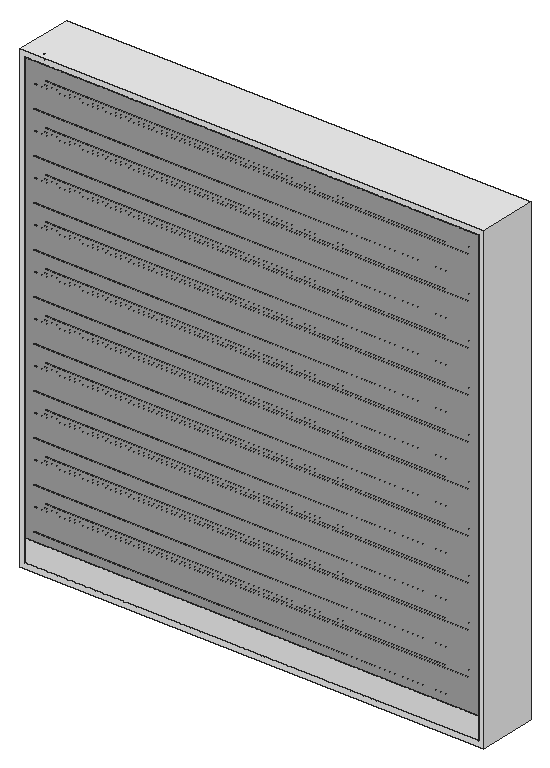
Revit family
Parameters (values of type "Louver_Drnable_EFD-637_All-Lite")
  URL = "http://www.alllite-louvers.com"
  Specifications = "http://www.alllite-louvers.com/catalog/AEFD-637-csi-specification.doc"
  Spacing = 0.375 ft
  SmartBIM Object Version = 3  # constant formula
  SmartBIM Object Created By = "Reed Construction Data"  # constant formula
  Shim Thickness = 0.042 ft
  Screen Width = Width - (2 * Shim Thickness)  # 3.916 ft
  Screen Height = Height - (2 * Shim Thickness) - 0.198333 ft  # 3.717667 ft
  Screen = Aluminum
  Rough Width = 0.0 ft
  Rough Height = 0.0 ft
  Product URL = "http://www.alllite-louvers.com/catalog.php?model=EFD-637"
  Pressure Loss (in.wg.) = "0.11"  # constant formula
  OmniClass Title = "Exterior Louvers and Grilles"  # constant formula
  OmniClass Code = "23-60 11 17"  # constant formula
  Model Number = "EFD-637"  # constant formula
  Model = ""
  Minimum Size = "4.5\" x 8\""
  Maximum Size - Single Section = "60\" x 120\" or 120\" x 60\""
  Maximum Size - Multiple Section = "Unlimited "
  Manufacturer = "All-Lite"  # constant formula
  Louver Width = Width - (2 * Shim Thickness) - 2 * 0.072917 ft  # 3.770167 ft
  Louver = Mill finish, 6063-T5 Extruded Aluminum
  Installation = "http://www.alllite-louvers.com/catalog/Installation.pdf"
  Height = 4.0 ft
  Free Area for 48”x48” Louver = "59.4%"
  Free Area Velocity (fpm) = "990"  # constant formula
  Free Area (ft²) for 48"x48" Louver = 9.5 ft
  Frame = Mill finish, 6063-T5 Extruded Aluminum
  Default Sill Height = 3.0 ft
  Wall Closure = (empty or 0)
  Width = 4.0 ft
  Cut Sheet = "http://www.alllite-louvers.com/catalog/AEFD637.pdf"
  Assembly Code = "B2010300"
  Air Volume Delivered (cfm) = "9,405"  # constant formula
  95 CSI = "10200 "  # constant formula
  04 CSI = "08 91 00"  # constant formula
  # of Louvers = (Height - 0.25 ft) / (Spacing)  # 10
Reference planes (ft)
  plane 1 "Center (Front/Back)": y = 0
  plane 2: z = 0.291667
  plane 3 "Center (Left/Right)": x = 0
  plane 4 "Left": x = -2
  plane 5 "Right": x = 2
  plane 6 "Sill": z = 3.291667
  plane 7 "Top": z = 7.291667
  plane 8: x = -1.958
  plane 9: x = 1.958
  plane 10: z = 7.249667
  plane 11: z = 3.333667
  plane 12: z = 5.291667
  plane 13: z = 3.417
  plane 14: z = 3.458667
  plane 15: z = 7.166333
  plane 16: z = 7.124667
  plane 17: z = 7.062167
  plane 18: y = -0.165917
Forms (ft)
  Sweep 1, solid, material "Mill finish, 6063-T5 Extruded Aluminum" <- "Frame"
    path origin (-5, 0.333333, 0) x (-1, 0, 0) y (0, 0, 1)
      loop
        line (-6.890292, 7.249667) -> (-3.109708, 7.249667)
    profile "Head Horizontal Mullion : Head Horizontal Mullion" origin (0, 0.333333, 7.249667) x (0, 0, 1) y (0, 1, 0)
      loop
        line (-0.083333, -0.00675) -> (-0.142259, -0.065676) -> (-0.137486, -0.070449) -> (-0.080537, -0.0135) -> (-0.00675, -0.0135) -> (-0.00675, -0.071625)
        arc (-0.00675, -0.071625) -> (-0.007739, -0.074011) -> (-0.010125, -0.075) r 0.003375
        line (-0.010125, -0.075) -> (-0.027583, -0.075) -> (-0.027583, -0.08175) -> (-0.307684, -0.08175) -> (-0.307684, -0.0135) -> (-0.231101, -0.0135) -> (-0.231101, -0.00675) -> (-0.314434, -0.00675) -> (-0.314434, -0.0885) -> (-0.206564, -0.0885)
        arc (-0.206564, -0.0885) -> (-0.204178, -0.089489) -> (-0.203189, -0.091875) r 0.003375
        line (-0.203189, -0.091875) -> (-0.203189, -0.104254)
        arc (-0.203189, -0.104254) -> (-0.203748, -0.106115) -> (-0.20524, -0.107359) r 0.003375
        arc (-0.20524, -0.107359) -> (-0.213421, -0.117587) -> (-0.209404, -0.130053) r 0.013833
        arc (-0.209404, -0.130053) -> (-0.205743, -0.130726) -> (-0.203689, -0.127621) r 0.003375
        arc (-0.203689, -0.127621) -> (-0.203959, -0.126299) -> (-0.204725, -0.125188) r 0.003375
        arc (-0.204725, -0.125188) -> (-0.199814, -0.113) -> (-0.194904, -0.125188) r 0.007083
        arc (-0.194904, -0.125188) -> (-0.19567, -0.126299) -> (-0.195939, -0.127621) r 0.003375
        arc (-0.195939, -0.127621) -> (-0.193886, -0.130726) -> (-0.190225, -0.130053) r 0.003375
        arc (-0.190225, -0.130053) -> (-0.186208, -0.117587) -> (-0.194388, -0.107359) r 0.013833
        arc (-0.194388, -0.107359) -> (-0.19588, -0.106115) -> (-0.196439, -0.104254) r 0.003375
        line (-0.196439, -0.104254) -> (-0.196439, -0.091875)
        arc (-0.196439, -0.091875) -> (-0.195451, -0.089489) -> (-0.193064, -0.0885) r 0.003375
        line (-0.193064, -0.0885) -> (-0.06925, -0.0885) -> (-0.06925, -0.09525) -> (-0.046442, -0.09525)
        arc (-0.046442, -0.09525) -> (-0.044055, -0.096239) -> (-0.043067, -0.098625) r 0.003375
        line (-0.043067, -0.098625) -> (-0.043067, -0.104254)
        arc (-0.043067, -0.104254) -> (-0.043626, -0.106115) -> (-0.045118, -0.107359) r 0.003375
        arc (-0.045118, -0.107359) -> (-0.053298, -0.117587) -> (-0.049281, -0.130053) r 0.013833
        arc (-0.049281, -0.130053) -> (-0.04562, -0.130726) -> (-0.043567, -0.127621) r 0.003375
        arc (-0.043567, -0.127621) -> (-0.043836, -0.126299) -> (-0.044602, -0.125188) r 0.003375
        arc (-0.044602, -0.125188) -> (-0.039692, -0.113) -> (-0.034781, -0.125188) r 0.007083
        arc (-0.034781, -0.125188) -> (-0.035547, -0.126299) -> (-0.035817, -0.127621) r 0.003375
        arc (-0.035817, -0.127621) -> (-0.033763, -0.130726) -> (-0.030102, -0.130053) r 0.003375
        arc (-0.030102, -0.130053) -> (-0.026085, -0.117587) -> (-0.034266, -0.107359) r 0.013833
        arc (-0.034266, -0.107359) -> (-0.035758, -0.106115) -> (-0.036317, -0.104254) r 0.003375
        line (-0.036317, -0.104254) -> (-0.036317, -0.098625)
        arc (-0.036317, -0.098625) -> (-0.035328, -0.096239) -> (-0.032942, -0.09525) r 0.003375
        line (-0.032942, -0.09525) -> (-0.00675, -0.09525) -> (-0.00675, -0.384167)
        arc (-0.00675, -0.384167) -> (-0.007739, -0.386553) -> (-0.010125, -0.387542) r 0.003375
        line (-0.010125, -0.387542) -> (-0.023858, -0.387542)
        arc (-0.023858, -0.387542) -> (-0.025719, -0.386983) -> (-0.026963, -0.385491) r 0.003375
        arc (-0.026963, -0.385491) -> (-0.037191, -0.37731) -> (-0.049657, -0.381327) r 0.013833
        arc (-0.049657, -0.381327) -> (-0.05033, -0.384988) -> (-0.047225, -0.387042) r 0.003375
        arc (-0.047225, -0.387042) -> (-0.045903, -0.386772) -> (-0.044793, -0.386006) r 0.003375
        arc (-0.044793, -0.386006) -> (-0.032604, -0.390917) -> (-0.044793, -0.395827) r 0.007083
        arc (-0.044793, -0.395827) -> (-0.045903, -0.395061) -> (-0.047225, -0.394792) r 0.003375
        arc (-0.047225, -0.394792) -> (-0.05033, -0.396845) -> (-0.049657, -0.400506) r 0.003375
        arc (-0.049657, -0.400506) -> (-0.037191, -0.404523) -> (-0.026963, -0.396343) r 0.013833
        arc (-0.026963, -0.396343) -> (-0.025719, -0.394851) -> (-0.023858, -0.394292) r 0.003375
        line (-0.023858, -0.394292) -> (-0.010125, -0.394292)
        arc (-0.010125, -0.394292) -> (-0.007739, -0.39528) -> (-0.00675, -0.397667) r 0.003375
        line (-0.00675, -0.397667) -> (-0.00675, -0.49325) -> (-0.0625, -0.49325) -> (-0.0625, -0.5) -> (0, -0.5) -> (0, -0.00675) -> (-0.083333, -0.00675)
  Sweep 2, solid, material "Mill finish, 6063-T5 Extruded Aluminum" <- "Frame"
    path origin (-5, 0.333333, 0) x (-1, 0, 0) y (0, 0, 1)
      loop
        line (-6.958, 3.333667) -> (-3.042, 3.333667)
    profile "Horizontal Mullion : Horizontal Mullion" origin (0, 0.333333, 3.333667) x (0, 0, 1) y (0, 1, 0)
      loop
        line (0.076583, -0.00675) -> (0.076583, -0.5) -> (0.00675, -0.5) -> (0.00675, -0.465083) -> (0, -0.465083) -> (0, -0.50675) -> (0.197917, -0.50675) -> (0.197917, -0.5) -> (0.083333, -0.5) -> (0.083333, 0) -> (0, 0) -> (0, -0.041667) -> (0.00675, -0.041667) -> (0.00675, -0.00675) -> (0.076583, -0.00675)
  Sweep 3, solid, material "Mill finish, 6063-T5 Extruded Aluminum" <- "Frame"
    path origin (-5, 0.333333, 0) x (-1, 0, 0) y (0, 0, 1)
      loop
        line (-6.958, 3.417) -> (-6.958, 7.249667)
    profile "Vertical Mullion : Vertical Mullion" origin (1.958, 0.333333, 5.333333) x (1, 0, 0) y (0, 1, 0)
      loop
        line (-0.067708, -0.08175) -> (-0.067708, -0.5) -> (0, -0.5) -> (0, -0.472417) -> (-0.00675, -0.472417) -> (-0.00675, -0.49325) -> (-0.060958, -0.49325) -> (-0.060958, -0.0885) -> (0, -0.0885) -> (0, 0) -> (-0.083333, 0) -> (-0.083333, -0.00675) -> (-0.067708, -0.00675) -> (-0.067708, -0.022375) -> (-0.060958, -0.022375) -> (-0.060958, -0.00675) -> (-0.00675, -0.00675) -> (-0.00675, -0.08175) -> (-0.067708, -0.08175)
  Sweep 4, solid, material "Mill finish, 6063-T5 Extruded Aluminum" <- "Frame"
    path origin (5, 0.333333, 0) x (1, 0, 0) y (0, 0, -1)
      loop
        line (-6.958, -3.417) -> (-6.958, -7.249667)
    profile "Vertical Mullion : Vertical Mullion" origin (-1.958, 0.333333, 5.333333) x (1, 0, 0) y (0, 1, 0)
      loop
        line (0.067708, -0.08175) -> (0.00675, -0.08175) -> (0.00675, -0.00675) -> (0.060958, -0.00675) -> (0.060958, -0.022375) -> (0.067708, -0.022375) -> (0.067708, -0.00675) -> (0.083333, -0.00675) -> (0.083333, 0) -> (0, 0) -> (0, -0.0885) -> (0.060958, -0.0885) -> (0.060958, -0.49325) -> (0.00675, -0.49325) -> (0.00675, -0.472417) -> (0, -0.472417) -> (0, -0.5) -> (0.067708, -0.5) -> (0.067708, -0.08175)
  Sweep 5, solid, material "Mill finish, 6063-T5 Extruded Aluminum" <- "Frame"
    path origin (-5, 0.333333, 0) x (-1, 0, 0) y (0, 0, 1)
      loop
        line (-3, 7.291667) -> (-7, 7.291667) -> (-7, 3.291667) -> (-3, 3.291667) -> (-3, 7.291667)
    profile origin (-2, 0.333333, 5.291667) x (0, 1, 0) y (-1, 0, 0)
      loop
        line (0, 0) -> (-0.50675, 0) -> (-0.50675, -0.042) -> (0, -0.042) -> (0, 0)
  Extrusion 6, solid, material "Aluminum" <- "Screen"
    sketch origin (1.458333, 0, 3.416667) x (0, 0, 1) y (-1, 0, 0)
      loop
        line (0.114917, -0.499667) -> (3.833, -0.499667) -> (3.833, 3.416333) -> (0.114917, 3.416333) -> (0.114917, -0.499667)
    from 0.166667 to 0.173417
Cuts and joins
  joined: Sweep 3, Sweep 4
Lines and regions (ft)
  Opening 1
    outline origin (-5, -0.333333, 0) x (1, 0, 0) y (0, 0, 1)
      loop
        line (3, 7.291667) -> (3, 3.291667) -> (7, 3.291667) -> (7, 7.291667) -> (3, 7.291667)
  Masking region 1, detail levels coarse+medium
    outline origin (0, 0, 0) x (1, 0, 0) y (0, 1, 0)
      loop
        line (-2, -0.173417) -> (-1.890292, -0.173417) -> (-1.890292, 0.333333) -> (-2, 0.333333) -> (-2, -0.173417)
  Masking region 2, detail levels fine
    outline origin (0, 0, 0) x (1, 0, 0) y (0, 1, 0)
      loop
        line (-1.890292, 0.251583) -> (-1.95125, 0.251583) -> (-1.95125, 0.326583) -> (-1.897042, 0.326583) -> (-1.897042, 0.310958) -> (-1.890292, 0.310958) -> (-1.890292, 0.326583) -> (-1.874667, 0.326583) -> (-1.874667, 0.333333) -> (-1.958, 0.333333) -> (-1.958, 0.244833) -> (-1.897042, 0.244833) -> (-1.897042, -0.159917) -> (-1.95125, -0.159917) -> (-1.95125, -0.139083) -> (-1.958, -0.139083) -> (-1.958, -0.166667) -> (-1.890292, -0.166667) -> (-1.890292, 0.251583)
  Masking region 3, detail levels coarse+medium
    outline origin (0, 0, 0) x (1, 0, 0) y (0, 1, 0)
      loop
        line (2, -0.173417) -> (2, 0.333333) -> (1.890292, 0.333333) -> (1.890292, -0.173417) -> (2, -0.173417)
  Masking region 4, detail levels fine
    outline origin (0, 0, 0) x (1, 0, 0) y (0, 1, 0)
      loop
        line (1.897042, 0.244833) -> (1.958, 0.244833) -> (1.958, 0.333333) -> (1.874667, 0.333333) -> (1.874667, 0.326583) -> (1.890292, 0.326583) -> (1.890292, 0.310958) -> (1.897042, 0.310958) -> (1.897042, 0.326583) -> (1.95125, 0.326583) -> (1.95125, 0.251583) -> (1.890292, 0.251583) -> (1.890292, -0.166667) -> (1.958, -0.166667) -> (1.958, -0.139083) -> (1.95125, -0.139083) -> (1.95125, -0.159917) -> (1.897042, -0.159917) -> (1.897042, 0.244833)
Text (ft)
  text "EXTERIOR" at (-4.890733, 4.242245, 0), in view "Ref. Level"
  text "INTERIOR" at (-4.890733, -3.147199, 0), in view "Ref. Level"
  text "Exterior" at (0, 3.638026, 10.266337), in view "Left"
  text "Exterior" at (0, 1.524487, 10.420622), in view "Right"
Dimensions and locks (ft)
  equal spacing: plane 4 "Left", plane 3 "Center (Left/Right)", plane 5 "Right"
  "Width": plane 4 "Left" to plane 5 "Right"
  "Height": plane 6 "Sill" to plane 7 "Top"
  "Default Sill Height": plane 2 to plane 6 "Sill"
  "Shim Thickness": plane 4 "Left" to plane 8
  "Shim Thickness": plane 9 to plane 5 "Right"
  "Shim Thickness": plane 10 to plane 7 "Top"
  "Shim Thickness": plane 6 "Sill" to plane 11
  equal spacing: plane 11, plane 12, plane 10
  locked: plane 13 to plane 11 at 0.083333
  locked: plane 14 to plane 13 at 0.041667
  locked: plane 10 to plane 15 at 0.083333
  locked: plane 15 to plane 16 at 0.041667
  locked: plane 10 to plane 17 at 0.1875
  equal spacing: group 1, group 3, group 4, group 5, group 6, group 7, group 8, group 9, group 10, group 2  (x3)
  locked: host wall to plane 18 at 0.49925
  aligned and locked: plane 7 "Top" to Opening 1 sketch curve
  aligned and locked: plane 6 "Sill" to Opening 1 sketch curve  (x2)
  aligned and locked: plane 5 "Right" to Opening 1 sketch curve
  aligned and locked: plane 4 "Left" to Opening 1 sketch curve
  aligned and locked: plane 10 to Sweep 1 sketch curve
  aligned and locked: Sweep 2 sketch curve to plane 11
  aligned and locked: plane 8 to Sweep 2 sketch curve
  aligned and locked: plane 9 to Sweep 3 sketch curve
  aligned and locked: Sweep 4 sketch curve to plane 8
  aligned and locked: Sweep 5 sketch curve to plane 4 "Left"
  aligned and locked: Sweep 5 sketch curve to plane 7 "Top"
  aligned and locked: Sweep 5 sketch curve to plane 6 "Sill"
  aligned and locked: Sweep 5 sketch curve to plane 5 "Right"
  aligned and locked: Sweep 5 sketch curve to host wall  (x2)
  aligned and locked: plane 8 to Sweep 5 sketch curve
  aligned and locked: plane 3 "Center (Left/Right)" to nested 1
  aligned and locked: plane 10 to Sweep 4 sketch curve
  aligned and locked: profile plane to host wall
  aligned and locked: Sweep 4 sketch curve to Sweep 2
  aligned and locked: Sweep 5 sketch curve to Sweep 2
  aligned and locked: plane 3 "Center (Left/Right)" to nested 2
  aligned and locked: Sweep 2 to Extrusion 6 sketch curve
  aligned and locked: Extrusion 6 sketch curve to Sweep 1
  aligned and locked: Extrusion 6 to Sweep 2
  aligned and locked: Sweep 5 to Extrusion 6
  aligned and locked: nested 1 to cut or joined group of Sweep 3, Sweep 4
  aligned and locked: plane 14 to nested 1
  aligned and locked: nested 2 to plane 16
  aligned and locked: cut or joined group of Sweep 3, Sweep 4 to Sweep 1 sketch curve
  aligned and locked: Sweep 1 sketch curve to cut or joined group of Sweep 3, Sweep 4
  aligned and locked: cut or joined group of Sweep 3, Sweep 4 to Extrusion 6 sketch curve
  aligned and locked: Extrusion 6 sketch curve to cut or joined group of Sweep 3, Sweep 4
  aligned and locked: Masking region 1 sketch curve to plane 4 "Left"
  aligned and locked: Masking region 1 sketch curve to Sweep 5
  aligned and locked: Masking region 1 sketch curve to cut or joined group of Sweep 3, Sweep 4
  aligned and locked: Sweep 5 to Masking region 1 sketch curve
  aligned and locked: Masking region 2 sketch curve to cut or joined group of Sweep 3, Sweep 4  (x12)
  aligned and locked: Sweep 2 to Masking region 2 sketch curve  (x2)
  aligned and locked: Masking region 2 sketch curve to plane 8  (x2)
  aligned and locked: Extrusion 6 to Masking region 2 sketch curve
  aligned and locked: Masking region 3 sketch curve to plane 5 "Right"
  aligned and locked: Sweep 5 to Masking region 3 sketch curve
  aligned and locked: Masking region 3 sketch curve to cut or joined group of Sweep 3, Sweep 4
  aligned and locked: Masking region 3 sketch curve to Sweep 5
  aligned and locked: Masking region 4 sketch curve to cut or joined group of Sweep 3, Sweep 4  (x14)
  aligned and locked: plane 9 to Masking region 4 sketch curve  (x2)
  aligned and locked: Masking region 4 sketch curve to Sweep 2
  aligned and locked: Masking region 4 sketch curve to Extrusion 6
  aligned and locked: plane 18 to nested 2
Automatic sketch dimensions
  Sweep 3 sketch curve to plane 10 = 0.0 ft
  Sweep 2 sketch curve to plane 9 = 0.0 ft
  Sweep 3 sketch curve to plane 13 = 0.0 ft
  Masking region 2 sketch curve to host wall = 0.00675 ft
Nested families (ft)
  nested 1: "Louver Single" at (0, 0.166271, 3.458667), type "Louver"
    with Louver Length 3.770167 ft
  nested 2: "Louver Single" at (0, 0.166271, 6.728503), type "Louver"
    with Louver Length 3.770167 ft
  nested 3: "Louver Single" at (0, 0.166271, 3.821982), type "Louver"
    with Louver Length 3.770167 ft
  nested 4: "Louver Single" at (0, 0.166271, 4.185297), type "Louver"
    with Louver Length 3.770167 ft
  nested 5: "Louver Single" at (0, 0.166271, 4.548612), type "Louver"
    with Louver Length 3.770167 ft
  nested 6: "Louver Single" at (0, 0.166271, 4.911927), type "Louver"
    with Louver Length 3.770167 ft
  nested 7: "Louver Single" at (0, 0.166271, 5.275243), type "Louver"
    with Louver Length 3.770167 ft
  nested 8: "Louver Single" at (0, 0.166271, 5.638558), type "Louver"
    with Louver Length 3.770167 ft
  nested 9: "Louver Single" at (0, 0.166271, 6.001873), type "Louver"
    with Louver Length 3.770167 ft
  nested 10: "Louver Single" at (0, 0.166271, 6.365188), type "Louver"
    with Louver Length 3.770167 ft
Connectors (ft)
  hvac at (0, -0.173417, 5.390625), driven by "Screen Height", driven by "Screen Width"
    settings: on Extrusion 6, index 1
Definition of nested family "Louver Single"
  Parameters (values of type "Louver")
    Louver Length = 3.0 ft
    Depth = 0.156576 ft
    Louver Single = yes
    Louver = All-Lite - El Cajon Silver
    Assembly Code = ""
  Reference planes (ft)
    plane 1 "Center (Front/Back)": y = -0.085938
    plane 2: z = 0
    plane 3 "Center (Left/Right)": x = 0
    plane 4: x = -1.5
    plane 5: x = 1.5
    plane 6: y = -0.332188
    plane 7: y = 0.160312
    plane 8: z = 0.396163
  Forms (ft)
    Extrusion 1, solid, material "All-Lite - El Cajon Silver" <- "Louver"
      sketch origin (0, 0.083333, 0) x (0, 1, 0) y (0, 0, 1)
        loop
          line (0.055647, 0.068779) -> (0.059663, 0.063353) -> (0.070229, 0.071171) -> (0.070229, 0.015666)
          arc (0.070229, 0.015666) -> (0.065326, 0.007704) -> (0.056009, 0.008499) r 0.008917
          line (0.056009, 0.008499) -> (0.001146, 0.049095) -> (0.001146, 0.084853) -> (-0.069302, 0.155301)
          arc (-0.069302, 0.155301) -> (-0.072208, 0.155879) -> (-0.073854, 0.153415) r 0.002667
          line (-0.073854, 0.153415) -> (-0.073854, 0.141165)
          arc (-0.073854, 0.141165) -> (-0.077044, 0.136392) -> (-0.082674, 0.137512) r 0.005167
          line (-0.082674, 0.137512) -> (-0.189135, 0.243973)
          arc (-0.189135, 0.243973) -> (-0.192041, 0.244551) -> (-0.193688, 0.242088) r 0.002667
          line (-0.193688, 0.242088) -> (-0.193688, 0.238052)
          arc (-0.193688, 0.238052) -> (-0.195154, 0.23567) -> (-0.19794, 0.235908) r 0.002667
          line (-0.19794, 0.235908) -> (-0.29394, 0.306944)
          arc (-0.29394, 0.306944) -> (-0.339522, 0.330546) -> (-0.390202, 0.338686) r 0.161833
          line (-0.390202, 0.338686) -> (-0.402438, 0.338686)
          arc (-0.402438, 0.338686) -> (-0.404323, 0.339467) -> (-0.405104, 0.341353) r 0.002667
          line (-0.405104, 0.341353) -> (-0.405104, 0.385981) -> (-0.403953, 0.382353) -> (-0.399938, 0.387779) -> (-0.411268, 0.396163)
          arc (-0.411268, 0.396163) -> (-0.414054, 0.396401) -> (-0.415521, 0.39402) r 0.002667
          line (-0.415521, 0.39402) -> (-0.415521, 0.334603)
          arc (-0.415521, 0.334603) -> (-0.41474, 0.332717) -> (-0.412854, 0.331936) r 0.002667
          line (-0.412854, 0.331936) -> (-0.390202, 0.331936)
          arc (-0.390202, 0.331936) -> (-0.350866, 0.326865) -> (-0.314102, 0.311981) r 0.155083
          arc (-0.314102, 0.311981) -> (-0.320331, 0.304314) -> (-0.319857, 0.294447) r 0.013833
          line (-0.319857, 0.294447) -> (-0.313675, 0.297156)
          arc (-0.313675, 0.297156) -> (-0.303313, 0.305929) -> (-0.307188, 0.292917) r 0.007083
          line (-0.307188, 0.292917) -> (-0.307188, 0.286167)
          arc (-0.307188, 0.286167) -> (-0.298064, 0.289602) -> (-0.293472, 0.2982) r 0.013833
          line (-0.293472, 0.2982) -> (-0.195177, 0.225466)
          arc (-0.195177, 0.225466) -> (-0.190608, 0.224675) -> (-0.187244, 0.227867) r 0.005167
          arc (-0.187244, 0.227867) -> (-0.185316, 0.229566) -> (-0.182849, 0.228849) r 0.002667
          line (-0.182849, 0.228849) -> (-0.087447, 0.133446)
          arc (-0.087447, 0.133446) -> (-0.076091, 0.130322) -> (-0.067597, 0.138481) r 0.011917
          arc (-0.067597, 0.138481) -> (-0.065696, 0.140307) -> (-0.063155, 0.139608) r 0.002667
          line (-0.063155, 0.139608) -> (-0.036951, 0.113404)
          arc (-0.036951, 0.113404) -> (-0.048094, 0.1069) -> (-0.049024, 0.09403) r 0.013833
          line (-0.049024, 0.09403) -> (-0.042842, 0.09674)
          arc (-0.042842, 0.09674) -> (-0.032479, 0.105513) -> (-0.036354, 0.0925) r 0.007083
          line (-0.036354, 0.0925) -> (-0.036354, 0.08575) -> (-0.023438, 0.08575)
          arc (-0.023438, 0.08575) -> (-0.022283, 0.086522) -> (-0.022554, 0.087884) r 0.00125
          line (-0.022554, 0.087884) -> (-0.025579, 0.090909)
          arc (-0.025579, 0.090909) -> (-0.02341, 0.094704) -> (-0.022534, 0.098987) r 0.013833
          line (-0.022534, 0.098987) -> (-0.005604, 0.082057) -> (-0.005604, 0.045693) -> (0.051993, 0.003073)
          arc (0.051993, 0.003073) -> (0.068364, 0.001677) -> (0.076979, 0.015667) r 0.015667
          line (0.076979, 0.015667) -> (0.076979, 0.082083)
          arc (0.076979, 0.082083) -> (0.076292, 0.0832) -> (0.074986, 0.083088) r 0.00125
          line (0.074986, 0.083088) -> (0.055647, 0.068779)
      from -1.5 to 1.5
    Extrusion 2, solid, material "All-Lite - El Cajon Silver" <- "Louver"
      sketch origin (-1.5, 0.083333, 0) x (0, -1, 0) y (0, 0, 1)
        loop
          line (0.32538, 0.278583) -> (0.313116, 0.297546)
          arc (0.313116, 0.297546) -> (0.30344, 0.305208) -> (0.307631, 0.293599) r 0.006417
          line (0.307631, 0.293599) -> (0.310255, 0.28954)
          arc (0.310255, 0.28954) -> (0.310745, 0.287119) -> (0.309453, 0.285013) r 0.003375
          line (0.309453, 0.285013) -> (0.051523, 0.090559)
          arc (0.051523, 0.090559) -> (0.049013, 0.089913) -> (0.046785, 0.091237) r 0.003375
          line (0.046785, 0.091237) -> (0.042322, 0.097225)
          arc (0.042322, 0.097225) -> (0.032519, 0.104728) -> (0.03691, 0.093191) r 0.006417
          line (0.03691, 0.093191) -> (0.050932, 0.074379)
          arc (0.050932, 0.074379) -> (0.053844, 0.072143) -> (0.057494, 0.071762) r 0.00675
          line (0.057494, 0.071762) -> (0.409802, 0.1327)
          arc (0.409802, 0.1327) -> (0.413895, 0.134977) -> (0.415521, 0.13937) r 0.00675
          line (0.415521, 0.13937) -> (0.415521, 0.196205)
          arc (0.415521, 0.196205) -> (0.414952, 0.198917) -> (0.413342, 0.201172) r 0.00675
          line (0.413342, 0.201172) -> (0.32538, 0.278583)
      from -3 to 0
    Extrusion 3, void
      sketch origin (0, 0.083333, 0) x (0, 1, 0) y (0, 0, 1)
        loop
          line (-0.055528, 0.085125) -> (-0.31274, 0.279037)
          arc (-0.31274, 0.279037) -> (-0.31536, 0.279666) -> (-0.317606, 0.278175) r 0.003375
          line (-0.317606, 0.278175) -> (-0.32022, 0.274133) -> (-0.408771, 0.196203) -> (-0.408771, 0.139371) -> (-0.058386, 0.078766)
          arc (-0.058386, 0.078766) -> (-0.056464, 0.078998) -> (-0.054985, 0.080248) r 0.003375
          arc (-0.054985, 0.080248) -> (-0.054205, 0.082803) -> (-0.055528, 0.085125) r 0.003375
      from -1.5 to 1.5
  Cuts and joins
    Extrusion 3 cuts Extrusion 1
    Extrusion 3 cuts Extrusion 2
  Dimensions and locks (ft)
    equal spacing: plane 4, plane 3 "Center (Left/Right)", plane 5
    "Louver Length": plane 4 to plane 5
    aligned and locked: cut or joined group of Extrusion 2, Extrusion 3 to plane 4  (x2)
    aligned and locked: cut or joined group of Extrusion 1, Extrusion 3 to plane 4
    aligned and locked: plane 5 to cut or joined group of Extrusion 1, Extrusion 3
    aligned and locked: plane 5 to cut or joined group of Extrusion 2, Extrusion 3  (x2)
  Automatic sketch dimensions
    Extrusion 1 sketch curve to Extrusion 1 sketch curve = 0.0 ft  (x19)
    Extrusion 1 sketch curve to Extrusion 1 sketch curve = 0.002667 ft  (x6)
    Extrusion 1 sketch curve to Extrusion 1 sketch curve = 0.00775 ft
    Extrusion 1 sketch curve to Extrusion 1 sketch curve = 0.001152 ft
    Extrusion 1 sketch curve to Extrusion 1 sketch curve = 0.012236 ft
    Extrusion 1 sketch curve to Extrusion 1 sketch curve = 0.070345 ft
    Extrusion 1 sketch curve to Extrusion 1 sketch curve = 0.005755 ft
    Extrusion 1 sketch curve to Extrusion 1 sketch curve = 0.006182 ft  (x2)
    Extrusion 1 sketch curve to Extrusion 1 sketch curve = 0.006487 ft  (x2)
    Extrusion 1 sketch curve to Extrusion 1 sketch curve = 0.013248 ft
    Extrusion 1 sketch curve to Extrusion 1 sketch curve = 0.000468 ft
    Extrusion 1 sketch curve to Extrusion 1 sketch curve = 0.095531 ft
    Extrusion 1 sketch curve to Extrusion 1 sketch curve = 0.001586 ft  (x2)
    Extrusion 1 sketch curve to Extrusion 1 sketch curve = 0.002763 ft
    Extrusion 1 sketch curve to Extrusion 1 sketch curve = 0.003073 ft
    Extrusion 1 sketch curve to Extrusion 1 sketch curve = 0.001886 ft  (x4)
    Extrusion 1 sketch curve to Extrusion 1 sketch curve = 0.00486 ft
    Extrusion 1 sketch curve to Extrusion 1 sketch curve = 0.002509 ft
    level to Extrusion 1 sketch curve = 0.133446 ft
    Extrusion 1 sketch curve to Extrusion 1 sketch curve = 0.095402 ft
    level to Extrusion 1 sketch curve = 0.137512 ft
    Extrusion 1 sketch curve to Extrusion 1 sketch curve = 0.004773 ft
    Extrusion 1 sketch curve to Extrusion 1 sketch curve = 0.003653 ft
    Extrusion 1 sketch curve to Extrusion 1 sketch curve = 0.005167 ft  (x2)
    Extrusion 1 sketch curve to Extrusion 1 sketch curve = 0.006257 ft
    Extrusion 1 sketch curve to Extrusion 1 sketch curve = 0.002556 ft
    Extrusion 1 sketch curve to Extrusion 1 sketch curve = 0.016017 ft
    level to Extrusion 1 sketch curve = 0.09674 ft
    level to Extrusion 1 sketch curve = 0.113404 ft
    Extrusion 1 sketch curve to Extrusion 1 sketch curve = 0.005891 ft
    Extrusion 1 sketch curve to Extrusion 1 sketch curve = 0.010776 ft
    Extrusion 1 sketch curve to Extrusion 1 sketch curve = 0.002141 ft
    Extrusion 1 sketch curve to Extrusion 1 sketch curve = 0.000884 ft
    Extrusion 1 sketch curve to Extrusion 1 sketch curve = 0.003045 ft
    level to Extrusion 1 sketch curve = 0.045693 ft
    Extrusion 1 sketch curve to Extrusion 1 sketch curve = 0.017833 ft
    Extrusion 1 sketch curve to Extrusion 1 sketch curve = 0.00675 ft  (x3)
    level to Extrusion 1 sketch curve = 0.003073 ft
    Extrusion 1 sketch curve to Extrusion 1 sketch curve = 0.050848 ft
    level to Extrusion 1 sketch curve = 0.068779 ft
    Extrusion 1 sketch curve to Extrusion 1 sketch curve = 0.054502 ft
    level to Extrusion 1 sketch curve = 0.008499 ft
    Extrusion 1 sketch curve to Extrusion 1 sketch curve = 0.004015 ft  (x2)
    level to Extrusion 1 sketch curve = 0.063353 ft
    Extrusion 1 sketch curve to Extrusion 1 sketch curve = 0.005304 ft
    Extrusion 1 sketch curve to Extrusion 1 sketch curve = 0.008917 ft
    Extrusion 1 sketch curve to Extrusion 1 sketch curve = 0.004757 ft
    Extrusion 1 sketch curve to Extrusion 1 sketch curve = 0.000743 ft
    Extrusion 1 sketch curve to Extrusion 1 sketch curve = 0.00125 ft  (x2)
    Extrusion 1 sketch curve to Extrusion 1 sketch curve = 0.003402 ft
    Extrusion 1 sketch curve to Extrusion 1 sketch curve = 0.032963 ft
    Extrusion 1 sketch curve to Extrusion 1 sketch curve = 0.002796 ft
    Extrusion 1 sketch curve to Extrusion 1 sketch curve = 0.01099 ft  (x2)
    Extrusion 1 sketch curve to Extrusion 1 sketch curve = 0.003025 ft
    Extrusion 1 sketch curve to Extrusion 1 sketch curve = 0.003443 ft
    Extrusion 1 sketch curve to Extrusion 1 sketch curve = 0.01225 ft
    Extrusion 1 sketch curve to Extrusion 1 sketch curve = 0.117594 ft
    Extrusion 1 sketch curve to Extrusion 1 sketch curve = 0.004036 ft
    Extrusion 1 sketch curve to Extrusion 1 sketch curve = 0.008743 ft
    Extrusion 1 sketch curve to Extrusion 1 sketch curve = 0.003628 ft
    Extrusion 2 sketch curve to Extrusion 1 = 0.0 ft
    Extrusion 1 to Extrusion 2 sketch curve = 0.000556 ft
    Extrusion 1 to Extrusion 2 sketch curve = 0.005967 ft
    Extrusion 2 sketch curve to Extrusion 2 sketch curve = 0.004464 ft
    Extrusion 2 sketch curve to Extrusion 2 sketch curve = 0.002706 ft
    Extrusion 1 to Extrusion 2 sketch curve = 0.014578 ft
    Extrusion 2 sketch curve to Extrusion 2 sketch curve = 0.002032 ft
    Extrusion 2 sketch curve to Extrusion 2 sketch curve = 0.005412 ft
    Extrusion 2 sketch curve to Extrusion 2 sketch curve = 0.00115 ft
    Extrusion 1 to Extrusion 2 sketch curve = 0.000234 ft
    Extrusion 1 to Extrusion 2 sketch curve = 0.000443 ft
    Extrusion 1 to Extrusion 2 sketch curve = 0.002266 ft
    Extrusion 1 to Extrusion 2 sketch curve = 0.003068 ft
    Extrusion 1 to Extrusion 2 sketch curve = 0.005929 ft
    Extrusion 2 sketch curve to Extrusion 2 sketch curve = 0.015927 ft
    Extrusion 2 sketch curve to Extrusion 1 = 0.003667 ft  (x2)
    Extrusion 2 sketch curve to Extrusion 1 = 0.004698 ft
    Extrusion 2 sketch curve to Extrusion 1 = 0.002179 ft
    Extrusion 2 sketch curve to Extrusion 1 = 0.005487 ft
    Extrusion 2 sketch curve to Extrusion 2 sketch curve = 0.000678 ft
    Extrusion 1 to Extrusion 2 sketch curve = 0.007337 ft
    Extrusion 2 sketch curve to Extrusion 2 sketch curve = 0.004034 ft
    Extrusion 2 sketch curve to Extrusion 1 = 0.04695 ft
    Extrusion 2 sketch curve to Extrusion 2 sketch curve = 0.056835 ft
    Extrusion 2 sketch curve to Extrusion 2 sketch curve = 0.018963 ft
    Extrusion 2 sketch curve to Extrusion 2 sketch curve = 0.008586 ft
    Extrusion 2 sketch curve to Extrusion 2 sketch curve = 0.002695 ft
    level to Extrusion 3 sketch curve = 0.139371 ft
    Extrusion 3 sketch curve to Extrusion 3 sketch curve = 0.088551 ft
    Extrusion 3 sketch curve to Extrusion 3 sketch curve = 0.002614 ft
    Extrusion 3 sketch curve to Extrusion 3 sketch curve = 0.002834 ft
    Extrusion 3 sketch curve to Extrusion 3 sketch curve = 0.002032 ft  (x2)
    level to Extrusion 3 sketch curve = 0.078766 ft
    Extrusion 3 sketch curve to Extrusion 3 sketch curve = 0.256385 ft
    Extrusion 3 sketch curve to Extrusion 3 sketch curve = 0.000575 ft
    Extrusion 3 sketch curve to Extrusion 3 sketch curve = 0.000252 ft
    level to Extrusion 3 sketch curve = 0.085125 ft
    Extrusion 3 sketch curve to Extrusion 3 sketch curve = 0.002575 ft
    Extrusion 3 sketch curve to Extrusion 3 sketch curve = 0.001481 ft
    Extrusion 3 sketch curve to Extrusion 3 sketch curve = 0.056832 ft
    Extrusion 3 sketch curve to Extrusion 3 sketch curve = 0.002695 ft
    plane 1 "Center (Front/Back)" to Extrusion 1 sketch curve = 0.24625 ft
    plane 1 "Center (Front/Back)" to Extrusion 3 sketch curve = 0.2395 ft
    Extrusion 1 sketch curve to plane 8 = 0.0 ft
    plane 8 to Extrusion 1 sketch curve = 0.008384 ft
    level to Extrusion 1 sketch curve = 0.176853 ft
    Extrusion 1 sketch curve to Extrusion 1 sketch curve = 0.072051 ft
    Extrusion 1 sketch curve to Extrusion 1 sketch curve = 0.001497 ft
    Extrusion 1 sketch curve to Extrusion 1 sketch curve = 0.006288 ft
    Extrusion 1 sketch curve to Extrusion 1 sketch curve = 0.00828 ft
    Extrusion 3 sketch curve to Extrusion 3 sketch curve = 0.07793 ft
    Extrusion 3 sketch curve to Extrusion 3 sketch curve = 0.002209 ft
    radius of Extrusion 2 sketch curve to Extrusion 1 = 0.000667 ft  (x2)
